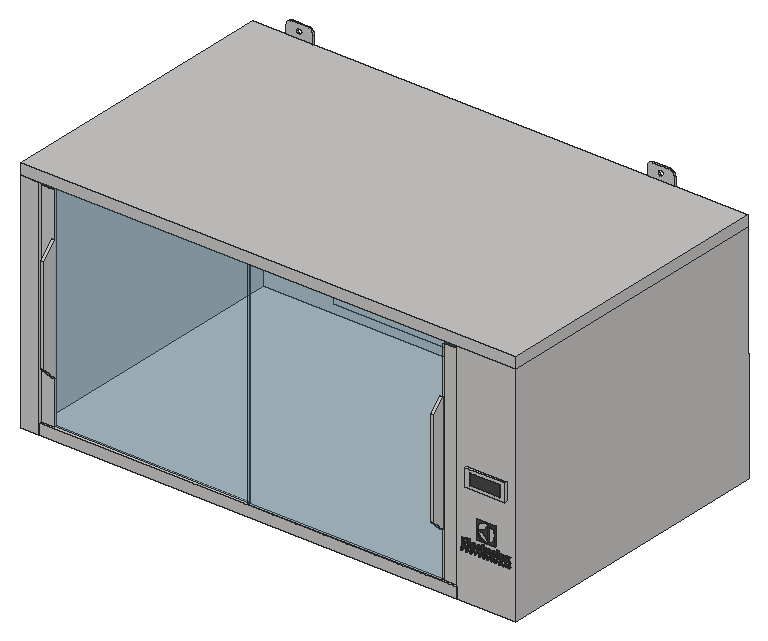
Revit family "QF_ELECTROLUXPROFESSIONAL_240429_SAFEBOXSNP", category Specialty Equipment, Revit 2018
Family settings
  Round Connector Dimension = Use Diameter
  Part Type = Normal
  Work Plane-Based = No
  Always vertical = Yes
  Cut with Voids When Loaded = No
  Shared = No
  Room Calculation Point = No
Parameters (values of type "Standard")
  Weight = 36.00 kg
  Watts = 0 W
  Volts = 220 V
  URL Manufacturer = "http://professional.electrolux.com"
  URL = "http://professional.electrolux.com"
  Steam Supply Size = 0 mm
  Steam Supply Minimum Pressure = 0.0 Pa
  Steam Supply Maximum Pressure = 0.0 Pa
  Steam Pounds per Hour = 0
  Refrigeration Suction Line Size = 0 mm
  Refrigeration Liquid Line Size = 0 mm
  Refrigerant Compressor Remote = yes
  Manufacturer = "Electrolux Professional"
  Phase = 1
  Model = "SAFEBOXSNP"
  Length Actual = 920.0 mm  # constant formula
  Item Number = "240429"
  Hot Water Size = 0 mm
  Height Actual = 450.0 mm  # constant formula
  HP = "0.8 HP"
  Gas Size = 0 mm
  Gas KW = 0
  Gas Input Pressure = 0 W
  Direct Waste Size = 0 mm
  Description = "SAFEBOX HOLD WARMING CONTAINER FOR FOOD PICK UP, TAKE AWAY AND DELIVERY (NO PLUG)"
  Depth Actual = 590.0 mm  # constant formula
  Cycle = 50 Hz
  Condensate Return Size = 0 mm
  Compressed Air Volume = 0.0 L/s
  Compressed Air Size = 0 mm
  Compressed Air Pressure = 0.0 Pa
  Cold Water Size = 0 mm
  Accessory = yes
Types (2, lengths in mm): name | URL | Manufacturer | Phase | Model | Description
  (no name) | 0.0 | 0.0 | 0 | 0.0 | 0.0
  Standard | "http://professional.electrolux.com" | "Electrolux Professional" | 1 | "SAFEBOXSNP" | "SAFEBOX HOLD WARMING CONTAINER FOR FOOD PICK UP, TAKE AWAY AND DELIVERY (NO PLUG)"
Values of the unnamed type that differ from the named types
  Volts = 0 V
  URL Manufacturer = ""
  Item Number = ""
  Cycle = 0 Hz
Reference planes
  plane 1 "Center (Front/Back)": y = 0
  plane 2: z = 0
  plane 3 "Center (Left/Right)": x = 0
  plane 4 "LEFT": x = -460
  plane 5 "RIGHT": x = 460
  plane 6 "BACK": y = 270
  plane 7 "FRONT": y = -270
  plane 8 "Base": z = 11
  plane 9 "TOP": z = 451
  plane 10: x = -430
  plane 11: y = 250
  plane 12: y = -220
  plane 13: x = 360
Forms (mm)
  Extrusion 1, solid, material "QF_Finishes_Stainless Steel"
    sketch origin (0, 0, 11) x (0, 1, 0) y (-1, 0, 0)
      loop
        line (270, 460) -> (-270, 460) -> (-270, 425) -> (250, 425) -> (250, -350) -> (-270, -350) -> (-270, -460) -> (270, -460) -> (270, 460)
    from 0 to 420
  Extrusion 2, solid, material "QF_Finishes_Stainless Steel"
    sketch origin (0, 0, 451) x (0, 1, 0) y (-1, 0, 0)
      loop
        line (270, 460) -> (-270, 460) -> (-270, -460) -> (270, -460) -> (270, 460)
    from 0 to -20
  Extrusion 3, void
    sketch origin (0, -270, 0) x (-1, 0, 0) y (0, 0, 1)
      loop
        line (140.985, 386.837) -> (-115, 386.837) -> (-115, 166) -> (140.985, 166) -> (140.985, 386.837)
    from 520 to 540
  Extrusion 4, solid, material "QF_Finishes_Stainless Steel"
    sketch origin (460, 0, 0) x (0, 1, 0) y (0, 0, 1)
      loop
        line (250, 386.837) -> (250, 166) -> (320, 166) -> (320, 386.837) -> (250, 386.837)
    from -600.985 to -345
  Extrusion 5, solid, material "QF_Finishes_Stainless Steel"
    sketch origin (0, 270, 0) x (-1, 0, 0) y (0, 0, 1)
      loop
        line (260.985, 386.837) -> (-235, 386.837) -> (-235, 76) -> (260.985, 76) -> (260.985, 386.837)
    from 0 to -60
  Extrusion 6, solid, material "Glass"
    sketch origin (0, -270, 0) x (-1, 0, 0) y (0, 0, 1)
      loop
        line (425, 431) -> (37.5, 431) -> (37.5, 31) -> (400, 31) -> (400, 426) -> (425, 426) -> (425, 431)
    from 4 to 8
  Extrusion 7, solid, material "Glass"
    sketch origin (385, -270, 0) x (-1, 0, 0) y (0, 0, 1)
      loop
        line (422.5, 431) -> (35, 431) -> (35, 426) -> (60, 426) -> (60, 31) -> (422.5, 31) -> (422.5, 431)
    from 0 to 4
  Extrusion 8, solid, material "QF_Finishes_Stainless Steel"
    sketch origin (0, 0, 0) x (0, 1, 0) y (0, 0, 1)
      loop
        line (-266, 112) -> (-266, 342.426) -> (-291.213, 317.213) -> (-291.213, 137.213) -> (-266, 112)
    from -400 to -405
  Extrusion 9, solid, material "QF_Finishes_Stainless Steel"
    sketch origin (0, -270, 0) x (-1, 0, 0) y (0, 0, 1)
      loop
        line (-350, 426) -> (-350, 31) -> (-325, 31) -> (-325, 426) -> (-350, 426)
      loop
        line (400, 426) -> (400, 31) -> (425, 31) -> (425, 426) -> (400, 426)
    from 4 to 8
  Extrusion 10, solid, material "QF_Finishes_Stainless Steel"
    sketch origin (0, 0, 451) x (0, 1, 0) y (-1, 0, 0)
      loop
        line (270, 425) -> (-270, 425) -> (-270, -350) -> (270, -350) -> (270, 425)
    from -420 to -440
  Extrusion 11, solid, material "QF_Finishes_Stainless Steel"
    sketch origin (0, 0, 0) x (0, 1, 0) y (0, 0, 1)
      loop
        line (-270, 116) -> (-270, 338.426) -> (-291.213, 317.213) -> (-291.213, 137.213) -> (-270, 116)
    from 325 to 320
  Extrusion 12, solid, material "QF_Finishes_Stainless Steel"
    sketch origin (0, -270, 0) x (-1, 0, 0) y (0, 0, 1)
      loop
        line (-368.864, 238.032) -> (-443.864, 238.032) -> (-443.864, 206) -> (-368.864, 206) -> (-368.864, 238.032)
      loop
        line (-378.864, 233.032) -> (-433.864, 233.032) -> (-433.864, 211) -> (-378.864, 211) -> (-378.864, 233.032)
    from 0 to -5
  Extrusion 13, solid, material "QF_Finishes_Black"
    sketch origin (0, -270, 0) x (-1, 0, 0) y (0, 0, 1)
      loop
        line (-378.864, 233.032) -> (-433.864, 233.032) -> (-433.864, 211) -> (-378.864, 211) -> (-378.864, 233.032)
    from 0 to -5
  Extrusion 14, solid, material "QF_Finishes_Stainless Steel"
    sketch origin (0, 270, 0) x (-1, 0, 0) y (0, 0, 1)
      loop
        circle (-420, 40) r 10
    from 0 to 2
  Extrusion 15, solid, material "QF_Finishes_Rubber Black"
    sketch origin (0, 0, 0) x (1, 0, 0) y (0, 1, 0)
      loop
        circle (-430, 250) r 15
      loop
        circle (360, 250) r 15
      loop
        circle (-430, -220) r 15
      loop
        circle (360, -220) r 15
    from 0 to 7
  Extrusion 16, solid, material "QF_Finishes_Stainless Steel"
    sketch origin (0, 0, 0) x (1, 0, 0) y (0, 1, 0)
      loop
        circle (-430, 250) r 12.5
      loop
        circle (360, 250) r 12.5
      loop
        circle (-430, -220) r 12.5
      loop
        circle (360, -220) r 12.5
    from 11 to 7
  Extrusion 17, solid, material "QF_Finishes_Black"
    sketch origin (0, -270, 0) x (-1, 0, 0) y (0, 0, 1)
      loop
        line (-365.303, 106.172) -> (-369.867, 106.172) -> (-369.867, 103.843) -> (-365.283, 103.843) -> (-364.31, 103.912)
        spline (-364.31, 103.912) -> (-363.72, 104.027) -> (-363.188, 104.196) -> (-362.713, 104.417) -> (-362.293, 104.688) -> (-361.928, 105.008) -> (-361.615, 105.374) -> (-361.354, 105.784) -> (-361.143, 106.237) -> (-360.981, 106.73) -> (-360.867, 107.261) -> (-360.8, 107.829) -> (-360.778, 108.432)
        line (-360.778, 108.432) -> (-360.778, 118.232) -> (-369.694, 118.232) -> (-369.694, 115.901) -> (-363.255, 115.901) -> (-363.255, 112.497) -> (-369.309, 112.497) -> (-369.309, 110.16) -> (-363.256, 110.16) -> (-363.256, 108.326)
        spline (-363.256, 108.326) -> (-363.281, 107.913) -> (-363.353, 107.553) -> (-363.465, 107.245) -> (-363.612, 106.983) -> (-363.787, 106.765) -> (-363.984, 106.587) -> (-364.198, 106.446) -> (-364.423, 106.338) -> (-364.651, 106.26) -> (-364.878, 106.209) -> (-365.097, 106.18) -> (-365.303, 106.172)
      loop
        line (-371.627, 111.433) -> (-371.627, 118.236) -> (-374.105, 118.236) -> (-374.105, 103.839) -> (-371.627, 103.839) -> (-371.627, 111.433)
      loop
        line (-386.378, 109.309) -> (-386.336, 108.438) -> (-378.204, 108.438)
        spline (-378.204, 108.438) -> (-378.248, 108.035) -> (-378.338, 107.658) -> (-378.472, 107.309) -> (-378.648, 106.99) -> (-378.864, 106.701) -> (-379.119, 106.446) -> (-379.411, 106.225) -> (-379.737, 106.04) -> (-380.097, 105.893) -> (-380.488, 105.786) -> (-380.909, 105.721) -> (-381.357, 105.699)
        spline (-381.357, 105.699) -> (-381.663, 105.707) -> (-381.951, 105.733) -> (-382.221, 105.776) -> (-382.476, 105.836) -> (-382.717, 105.912) -> (-382.947, 106.005) -> (-383.167, 106.114) -> (-383.378, 106.24) -> (-383.583, 106.382) -> (-383.784, 106.539) -> (-383.982, 106.713) -> (-384.179, 106.902)
        line (-384.179, 106.902) -> (-385.672, 105.45)
        spline (-385.672, 105.45) -> (-385.333, 105.112) -> (-384.988, 104.814) -> (-384.638, 104.554) -> (-384.283, 104.329) -> (-383.923, 104.138) -> (-383.559, 103.979) -> (-383.19, 103.85) -> (-382.816, 103.748) -> (-382.437, 103.673) -> (-382.054, 103.621) -> (-381.666, 103.592) -> (-381.274, 103.583)
        spline (-381.274, 103.583) -> (-380.471, 103.626) -> (-379.714, 103.756) -> (-379.009, 103.967) -> (-378.359, 104.258) -> (-377.77, 104.624) -> (-377.245, 105.062) -> (-376.789, 105.568) -> (-376.406, 106.141) -> (-376.1, 106.775) -> (-375.877, 107.468) -> (-375.739, 108.217) -> (-375.693, 109.018)
        spline (-375.693, 109.018) -> (-375.741, 109.838) -> (-375.882, 110.605) -> (-376.111, 111.315) -> (-376.422, 111.965) -> (-376.81, 112.55) -> (-377.268, 113.068) -> (-377.793, 113.516) -> (-378.378, 113.889) -> (-379.018, 114.186) -> (-379.707, 114.402) -> (-380.44, 114.534) -> (-381.212, 114.579)
        spline (-381.212, 114.579) -> (-381.967, 114.531) -> (-382.675, 114.391) -> (-383.332, 114.167) -> (-383.934, 113.862) -> (-384.479, 113.485) -> (-384.962, 113.041) -> (-385.38, 112.535) -> (-385.73, 111.975) -> (-386.008, 111.366) -> (-386.211, 110.715) -> (-386.336, 110.027) -> (-386.378, 109.309)
      loop
        line (-383.847, 110.18) -> (-378.266, 110.18)
        spline (-378.266, 110.18) -> (-378.316, 110.491) -> (-378.412, 110.789) -> (-378.551, 111.071) -> (-378.73, 111.334) -> (-378.945, 111.577) -> (-379.194, 111.796) -> (-379.473, 111.988) -> (-379.78, 112.152) -> (-380.11, 112.284) -> (-380.461, 112.381) -> (-380.829, 112.442) -> (-381.212, 112.462)
        spline (-381.212, 112.462) -> (-381.569, 112.441) -> (-381.911, 112.38) -> (-382.236, 112.281) -> (-382.54, 112.147) -> (-382.821, 111.982) -> (-383.074, 111.788) -> (-383.297, 111.568) -> (-383.486, 111.325) -> (-383.639, 111.062) -> (-383.752, 110.781) -> (-383.823, 110.487) -> (-383.847, 110.18)
      loop
        spline (-390.126, 109.081) -> (-390.155, 108.619) -> (-390.238, 108.182) -> (-390.372, 107.772) -> (-390.554, 107.392) -> (-390.781, 107.044) -> (-391.05, 106.734) -> (-391.356, 106.462) -> (-391.697, 106.233) -> (-392.069, 106.049) -> (-392.47, 105.914) -> (-392.895, 105.831) -> (-393.342, 105.803)
        spline (-393.342, 105.803) -> (-393.616, 105.811) -> (-393.879, 105.837) -> (-394.131, 105.879) -> (-394.372, 105.937) -> (-394.603, 106.011) -> (-394.826, 106.101) -> (-395.039, 106.206) -> (-395.245, 106.325) -> (-395.443, 106.459) -> (-395.634, 106.607) -> (-395.819, 106.769) -> (-395.998, 106.944)
        line (-395.998, 106.944) -> (-397.533, 105.346)
        spline (-397.533, 105.346) -> (-397.228, 105.04) -> (-396.913, 104.766) -> (-396.589, 104.521) -> (-396.258, 104.306) -> (-395.918, 104.12) -> (-395.57, 103.961) -> (-395.215, 103.829) -> (-394.853, 103.723) -> (-394.484, 103.642) -> (-394.109, 103.585) -> (-393.729, 103.552) -> (-393.342, 103.541)
        spline (-393.342, 103.541) -> (-392.568, 103.589) -> (-391.826, 103.729) -> (-391.124, 103.957) -> (-390.467, 104.267) -> (-389.863, 104.654) -> (-389.317, 105.113) -> (-388.838, 105.638) -> (-388.431, 106.224) -> (-388.102, 106.867) -> (-387.86, 107.561) -> (-387.709, 108.3) -> (-387.658, 109.081)
        spline (-387.658, 109.081) -> (-387.709, 109.861) -> (-387.86, 110.6) -> (-388.102, 111.294) -> (-388.431, 111.937) -> (-388.838, 112.523) -> (-389.317, 113.049) -> (-389.863, 113.507) -> (-390.467, 113.894) -> (-391.124, 114.204) -> (-391.826, 114.432) -> (-392.568, 114.572) -> (-393.342, 114.62)
        spline (-393.342, 114.62) -> (-393.729, 114.609) -> (-394.109, 114.576) -> (-394.484, 114.519) -> (-394.853, 114.438) -> (-395.215, 114.332) -> (-395.57, 114.2) -> (-395.918, 114.041) -> (-396.258, 113.855) -> (-396.589, 113.64) -> (-396.913, 113.395) -> (-397.228, 113.121) -> (-397.533, 112.815)
        line (-397.533, 112.815) -> (-395.998, 111.217)
        spline (-395.998, 111.217) -> (-395.819, 111.392) -> (-395.634, 111.554) -> (-395.443, 111.702) -> (-395.245, 111.836) -> (-395.039, 111.956) -> (-394.826, 112.06) -> (-394.603, 112.15) -> (-394.372, 112.224) -> (-394.131, 112.282) -> (-393.879, 112.324) -> (-393.616, 112.35) -> (-393.342, 112.359)
        spline (-393.342, 112.359) -> (-392.895, 112.33) -> (-392.47, 112.247) -> (-392.069, 112.112) -> (-391.697, 111.928) -> (-391.356, 111.699) -> (-391.05, 111.427) -> (-390.781, 111.117) -> (-390.554, 110.769) -> (-390.372, 110.389) -> (-390.238, 109.979) -> (-390.155, 109.542) -> (-390.126, 109.081)
      loop
        line (-403.852, 106.168) -> (-403.843, 103.839) -> (-402.797, 103.887)
        spline (-402.797, 103.887) -> (-402.209, 103.986) -> (-401.675, 104.138) -> (-401.195, 104.342) -> (-400.766, 104.596) -> (-400.389, 104.897) -> (-400.061, 105.244) -> (-399.782, 105.635) -> (-399.55, 106.068) -> (-399.365, 106.542) -> (-399.225, 107.053) -> (-399.129, 107.602) -> (-399.076, 108.185)
        line (-399.076, 108.185) -> (-399.076, 118.236) -> (-401.555, 118.236) -> (-401.555, 114.25) -> (-403.806, 114.25) -> (-403.806, 111.998) -> (-401.551, 111.998) -> (-401.551, 108.326)
        spline (-401.551, 108.326) -> (-401.603, 107.889) -> (-401.701, 107.513) -> (-401.839, 107.193) -> (-402.01, 106.924) -> (-402.209, 106.704) -> (-402.429, 106.527) -> (-402.664, 106.391) -> (-402.909, 106.29) -> (-403.156, 106.222) -> (-403.399, 106.181) -> (-403.634, 106.165) -> (-403.852, 106.168)
      loop
        line (-412.191, 114.394) -> (-412.191, 111.998) -> (-411.158, 112.101)
        spline (-411.158, 112.101) -> (-410.743, 112.079) -> (-410.355, 112.014) -> (-409.996, 111.907) -> (-409.668, 111.759) -> (-409.372, 111.573) -> (-409.111, 111.35) -> (-408.885, 111.091) -> (-408.697, 110.798) -> (-408.547, 110.472) -> (-408.438, 110.115) -> (-408.372, 109.728) -> (-408.349, 109.313)
        line (-408.349, 109.313) -> (-408.349, 103.839) -> (-405.891, 103.839) -> (-405.891, 114.249) -> (-408.349, 114.249) -> (-408.349, 112.701)
        spline (-408.349, 112.701) -> (-408.54, 112.99) -> (-408.758, 113.255) -> (-409.003, 113.497) -> (-409.272, 113.712) -> (-409.565, 113.902) -> (-409.881, 114.063) -> (-410.218, 114.196) -> (-410.576, 114.3) -> (-410.954, 114.372) -> (-411.349, 114.413) -> (-411.762, 114.421) -> (-412.191, 114.394)
      loop
        spline (-423.931, 109.044) -> (-423.879, 108.281) -> (-423.728, 107.553) -> (-423.485, 106.867) -> (-423.156, 106.229) -> (-422.748, 105.644) -> (-422.268, 105.118) -> (-421.723, 104.657) -> (-421.119, 104.266) -> (-420.463, 103.953) -> (-419.762, 103.721) -> (-419.022, 103.578) -> (-418.251, 103.529)
        spline (-418.251, 103.529) -> (-417.475, 103.578) -> (-416.733, 103.721) -> (-416.03, 103.953) -> (-415.374, 104.266) -> (-414.77, 104.657) -> (-414.225, 105.118) -> (-413.747, 105.644) -> (-413.341, 106.229) -> (-413.013, 106.867) -> (-412.772, 107.553) -> (-412.622, 108.281) -> (-412.57, 109.044)
        spline (-412.57, 109.044) -> (-412.622, 109.808) -> (-412.772, 110.536) -> (-413.013, 111.222) -> (-413.341, 111.86) -> (-413.747, 112.445) -> (-414.225, 112.971) -> (-414.77, 113.432) -> (-415.374, 113.822) -> (-416.03, 114.136) -> (-416.733, 114.367) -> (-417.475, 114.51) -> (-418.251, 114.559)
        spline (-418.251, 114.559) -> (-419.022, 114.51) -> (-419.762, 114.367) -> (-420.463, 114.136) -> (-421.119, 113.822) -> (-421.723, 113.432) -> (-422.268, 112.971) -> (-422.748, 112.445) -> (-423.156, 111.86) -> (-423.485, 111.222) -> (-423.728, 110.536) -> (-423.879, 109.808) -> (-423.931, 109.044)
      loop
        spline (-421.473, 109.044) -> (-421.444, 108.594) -> (-421.36, 108.164) -> (-421.225, 107.759) -> (-421.041, 107.381) -> (-420.813, 107.035) -> (-420.543, 106.723) -> (-420.236, 106.45) -> (-419.894, 106.218) -> (-419.521, 106.032) -> (-419.121, 105.895) -> (-418.696, 105.81) -> (-418.251, 105.78)
        spline (-418.251, 105.78) -> (-417.801, 105.81) -> (-417.374, 105.895) -> (-416.972, 106.032) -> (-416.599, 106.218) -> (-416.257, 106.45) -> (-415.951, 106.723) -> (-415.683, 107.035) -> (-415.456, 107.381) -> (-415.274, 107.759) -> (-415.14, 108.164) -> (-415.058, 108.594) -> (-415.029, 109.044)
        spline (-415.029, 109.044) -> (-415.058, 109.495) -> (-415.14, 109.924) -> (-415.274, 110.33) -> (-415.456, 110.708) -> (-415.683, 111.054) -> (-415.951, 111.366) -> (-416.257, 111.639) -> (-416.599, 111.87) -> (-416.972, 112.056) -> (-417.374, 112.194) -> (-417.801, 112.279) -> (-418.251, 112.308)
        spline (-418.251, 112.308) -> (-418.696, 112.279) -> (-419.121, 112.194) -> (-419.521, 112.056) -> (-419.894, 111.87) -> (-420.236, 111.639) -> (-420.543, 111.366) -> (-420.813, 111.054) -> (-421.041, 110.708) -> (-421.225, 110.33) -> (-421.36, 109.924) -> (-421.444, 109.495) -> (-421.473, 109.044)
      loop
        line (-425.455, 111.681) -> (-425.455, 118.236) -> (-427.935, 118.236) -> (-427.935, 103.839) -> (-425.455, 103.839) -> (-425.455, 111.681)
      loop
        line (-436.874, 114.249) -> (-439.372, 114.249) -> (-439.372, 108.032)
        spline (-439.372, 108.032) -> (-439.327, 107.311) -> (-439.198, 106.654) -> (-438.989, 106.062) -> (-438.708, 105.535) -> (-438.361, 105.071) -> (-437.952, 104.67) -> (-437.49, 104.332) -> (-436.98, 104.057) -> (-436.428, 103.843) -> (-435.84, 103.691) -> (-435.222, 103.601) -> (-434.581, 103.57)
        spline (-434.581, 103.57) -> (-433.945, 103.6) -> (-433.332, 103.69) -> (-432.749, 103.839) -> (-432.202, 104.05) -> (-431.696, 104.322) -> (-431.237, 104.655) -> (-430.833, 105.05) -> (-430.488, 105.507) -> (-430.209, 106.028) -> (-430.003, 106.611) -> (-429.874, 107.259) -> (-429.83, 107.97)
        line (-429.83, 107.97) -> (-429.83, 114.249) -> (-432.33, 114.249) -> (-432.33, 108.176)
        spline (-432.33, 108.176) -> (-432.349, 107.788) -> (-432.407, 107.437) -> (-432.502, 107.124) -> (-432.629, 106.847) -> (-432.789, 106.605) -> (-432.977, 106.398) -> (-433.193, 106.225) -> (-433.434, 106.085) -> (-433.697, 105.978) -> (-433.981, 105.902) -> (-434.283, 105.857) -> (-434.601, 105.843)
        spline (-434.601, 105.843) -> (-434.919, 105.857) -> (-435.222, 105.902) -> (-435.506, 105.978) -> (-435.769, 106.086) -> (-436.01, 106.227) -> (-436.226, 106.401) -> (-436.414, 106.609) -> (-436.574, 106.853) -> (-436.702, 107.133) -> (-436.796, 107.45) -> (-436.854, 107.804) -> (-436.874, 108.198)
        line (-436.874, 108.198) -> (-436.874, 114.249)
      loop
        line (-448.75, 107.168) -> (-451.132, 103.839) -> (-448.467, 103.839) -> (-445.823, 107.516) -> (-443.179, 103.839) -> (-440.515, 103.839) -> (-442.307, 106.335) -> (-444.46, 109.334) -> (-442.406, 112.143) -> (-440.866, 114.249) -> (-443.551, 114.249) -> (-445.823, 111.13) -> (-448.075, 114.249) -> (-450.781, 114.249) -> (-449.123, 111.991) -> (-447.187, 109.354) -> (-448.75, 107.168)
      loop
        arc (-362.172, 101.574) -> (-363.817, 99.929) -> (-362.172, 98.284) r 1.645
        line (-362.172, 98.284) -> (-361.277, 98.284) -> (-361.277, 96.598) -> (-360.254, 96.598) -> (-360.254, 101.574) -> (-362.172, 101.574)
      loop
        arc (-362.13, 100.634) -> (-362.835, 99.929) -> (-362.13, 99.225) r 0.704
        line (-362.13, 99.225) -> (-361.277, 99.225) -> (-361.277, 100.634) -> (-362.13, 100.634)
      loop
        arc (-369.98, 101.574) -> (-371.128, 101.107) -> (-371.622, 99.97) r 1.643
        arc (-371.622, 99.97) -> (-371.405, 99.145) -> (-370.78, 98.564) r 1.536
        line (-370.78, 98.564) -> (-371.975, 96.598) -> (-370.813, 96.598) -> (-369.832, 98.23) -> (-369.051, 98.312) -> (-369.051, 96.598) -> (-368.028, 96.598) -> (-368.028, 101.574) -> (-369.98, 101.574)
      loop
        line (-369.891, 99.245) -> (-369.051, 99.245) -> (-369.051, 100.634) -> (-369.959, 100.634)
        arc (-369.959, 100.634) -> (-370.586, 99.907) -> (-369.891, 99.245) r 0.696
      loop
        circle (-378.328, 99.086) r 2.585
      loop
        circle (-378.328, 99.086) r 1.64
      loop
        line (-385.193, 101.574) -> (-388.269, 101.574) -> (-388.269, 100.634) -> (-386.217, 100.634) -> (-386.217, 99.584) -> (-388.089, 99.584) -> (-388.089, 98.644) -> (-386.217, 98.644) -> (-386.217, 96.598) -> (-385.193, 96.598) -> (-385.193, 101.574)
      loop
        line (-392.491, 101.574) -> (-395.642, 101.574) -> (-395.642, 100.634) -> (-393.514, 100.634) -> (-393.514, 99.769) -> (-395.504, 99.769) -> (-395.504, 98.987) -> (-393.514, 98.987) -> (-393.514, 98.16)
        arc (-393.514, 98.16) -> (-393.741, 97.612) -> (-394.289, 97.385) r 0.775
        line (-394.289, 97.385) -> (-395.691, 97.385) -> (-395.691, 96.598) -> (-394.083, 96.598)
        arc (-394.083, 96.598) -> (-392.95, 97.072) -> (-392.491, 98.212) r 1.593
        line (-392.491, 98.212) -> (-392.491, 101.574)
      loop
        arc (-402.384, 100.269) -> (-401.963, 100.602) -> (-401.439, 100.718) r 1.197
        arc (-401.439, 100.718) -> (-400.968, 100.342) -> (-401.294, 99.834) r 0.45
        arc (-401.294, 99.834) -> (-401.859, 99.623) -> (-402.409, 99.377) r 9.883
        arc (-402.409, 99.377) -> (-402.845, 99.093) -> (-403.185, 98.7) r 1.876
        arc (-403.185, 98.7) -> (-403.343, 97.847) -> (-403.037, 97.035) r 1.618
        arc (-403.037, 97.035) -> (-402.346, 96.668) -> (-401.579, 96.515) r 2.696
        arc (-401.579, 96.515) -> (-400.959, 96.578) -> (-400.385, 96.823) r 2.063
        arc (-400.385, 96.823) -> (-399.932, 97.214) -> (-399.622, 97.725) r 1.914
        line (-399.622, 97.725) -> (-400.404, 98.216)
        arc (-400.404, 98.216) -> (-400.668, 97.808) -> (-401.089, 97.567) r 1.033
        arc (-401.089, 97.567) -> (-401.662, 97.452) -> (-402.203, 97.672) r 1.016
        arc (-402.203, 97.672) -> (-402.359, 98.025) -> (-402.162, 98.356) r 0.42
        arc (-402.162, 98.356) -> (-401.656, 98.632) -> (-401.122, 98.849) r 5.041
        arc (-401.122, 98.849) -> (-400.544, 99.153) -> (-400.1, 99.632) r 1.928
        arc (-400.1, 99.632) -> (-399.987, 100.071) -> (-399.976, 100.524) r 1.985
        arc (-399.976, 100.524) -> (-400.091, 100.911) -> (-400.349, 101.222) r 1.013
        arc (-400.349, 101.222) -> (-400.896, 101.533) -> (-401.512, 101.657) r 1.974
        arc (-401.512, 101.657) -> (-402.438, 101.438) -> (-403.12, 100.774) r 1.782
        line (-403.12, 100.774) -> (-402.384, 100.269)
      loop
        arc (-409.903, 100.269) -> (-409.482, 100.602) -> (-408.958, 100.718) r 1.197
        arc (-408.958, 100.718) -> (-408.486, 100.342) -> (-408.812, 99.834) r 0.45
        arc (-408.812, 99.834) -> (-409.377, 99.623) -> (-409.928, 99.377) r 9.883
        arc (-409.928, 99.377) -> (-410.363, 99.093) -> (-410.703, 98.7) r 1.876
        arc (-410.703, 98.7) -> (-410.861, 97.847) -> (-410.556, 97.035) r 1.618
        arc (-410.556, 97.035) -> (-409.865, 96.668) -> (-409.097, 96.515) r 2.696
        arc (-409.097, 96.515) -> (-408.477, 96.578) -> (-407.903, 96.823) r 2.063
        arc (-407.903, 96.823) -> (-407.451, 97.214) -> (-407.141, 97.725) r 1.914
        line (-407.141, 97.725) -> (-407.922, 98.216)
        arc (-407.922, 98.216) -> (-408.186, 97.808) -> (-408.607, 97.567) r 1.033
        arc (-408.607, 97.567) -> (-409.18, 97.452) -> (-409.721, 97.672) r 1.016
        arc (-409.721, 97.672) -> (-409.877, 98.025) -> (-409.68, 98.356) r 0.42
        arc (-409.68, 98.356) -> (-409.174, 98.632) -> (-408.64, 98.849) r 5.041
        arc (-408.64, 98.849) -> (-408.062, 99.153) -> (-407.619, 99.632) r 1.928
        arc (-407.619, 99.632) -> (-407.505, 100.071) -> (-407.494, 100.524) r 1.985
        arc (-407.494, 100.524) -> (-407.61, 100.911) -> (-407.868, 101.222) r 1.013
        arc (-407.868, 101.222) -> (-408.414, 101.533) -> (-409.03, 101.657) r 1.974
        arc (-409.03, 101.657) -> (-409.956, 101.438) -> (-410.638, 100.774) r 1.782
        line (-410.638, 100.774) -> (-409.903, 100.269)
      loop
        line (-415.094, 101.574) -> (-416.118, 101.574) -> (-416.118, 96.598) -> (-415.094, 96.598) -> (-415.094, 101.574)
      loop
        circle (-423.017, 99.086) r 1.548
      loop
        circle (-423.017, 99.086) r 2.585
      loop
        line (-429.882, 96.598) -> (-429.882, 101.574) -> (-430.878, 101.574) -> (-433.154, 98.351) -> (-433.154, 101.574) -> (-434.188, 101.574) -> (-434.188, 96.598) -> (-433.193, 96.598) -> (-430.916, 99.727) -> (-430.916, 96.598) -> (-429.882, 96.598)
      loop
        line (-439.347, 96.598) -> (-438.249, 96.598) -> (-440.753, 101.574) -> (-443.258, 96.598) -> (-442.158, 96.598) -> (-441.673, 97.671) -> (-439.832, 97.671) -> (-439.347, 96.598)
      loop
        line (-440.753, 99.714) -> (-441.214, 98.692) -> (-440.291, 98.692) -> (-440.753, 99.714)
      loop
        line (-448.34, 97.539) -> (-450.254, 97.539) -> (-450.254, 96.598) -> (-447.317, 96.598) -> (-447.317, 101.574) -> (-448.34, 101.574) -> (-448.34, 97.539)
      loop
        line (-388.337, 123.178) -> (-388.337, 157.751) -> (-422.957, 157.751) -> (-422.957, 123.178) -> (-388.337, 123.178)
      loop
        arc (-410.269, 156.054) -> (-421.768, 140.5) -> (-410.269, 124.946) r 16.269
        line (-410.269, 124.946) -> (-410.269, 156.054)
      loop
        arc (-408.687, 153.801) -> (-403.858, 145.134) -> (-394.664, 141.402) r 14.944
        line (-394.664, 141.402) -> (-389.517, 141.402)
        arc (-389.517, 141.402) -> (-395.75, 153.113) -> (-408.687, 156.054) r 15.943
        line (-408.687, 156.054) -> (-408.687, 153.801)
      loop
        line (-389.517, 139.598) -> (-394.664, 139.598)
        arc (-394.664, 139.598) -> (-403.858, 135.866) -> (-408.687, 127.199) r 14.944
        line (-408.687, 127.199) -> (-408.687, 124.547)
        arc (-408.687, 124.547) -> (-395.74, 127.79) -> (-389.517, 139.598) r 16.36
    from 0 to -1.6
  Extrusion 18, solid, material "QF_Finishes_Stainless Steel"
    sketch origin (0, 270, 0) x (-1, 0, 0) y (0, 0, 1)
      loop
        line (398.117, 431) -> (398.117, 466)
        arc (398.117, 466) -> (395.188, 473.071) -> (388.117, 476) r 10
        line (388.117, 476) -> (358.117, 476)
        arc (358.117, 476) -> (351.046, 473.071) -> (348.117, 466) r 10
        line (348.117, 466) -> (348.117, 431) -> (398.117, 431)
      loop
        circle (373.117, 463.03) r 5
      loop
        line (-323.117, 431) -> (-273.117, 431) -> (-273.117, 466)
        arc (-273.117, 466) -> (-276.046, 473.071) -> (-283.117, 476) r 10
        line (-283.117, 476) -> (-313.117, 476)
        arc (-313.117, 476) -> (-320.188, 473.071) -> (-323.117, 466) r 10
        line (-323.117, 466) -> (-323.117, 431)
      loop
        circle (-298.117, 463.03) r 5
    from 1.641 to 0
  Extrusion 19, solid, material "QF_Door-Drawer Clearances", detail levels coarse
    sketch origin (0, 0, 0) x (0, 1, 0) y (0, 0, 1)
      loop
        line (-266, 112) -> (-266, 342.426) -> (-291.213, 317.213) -> (-291.213, 137.213) -> (-266, 112)
    from -63 to -68
  Extrusion 20, solid, material "QF_Door-Drawer Clearances", detail levels coarse
    sketch origin (337, -270, 0) x (-1, 0, 0) y (0, 0, 1)
      loop
        line (400, 426) -> (400, 31) -> (425, 31) -> (425, 426) -> (400, 426)
    from 4 to 8
Cuts and joins
  Extrusion 3 cuts Extrusion 1
  joined: Extrusion 8, Extrusion 9, Extrusion 11
Lines and regions (mm)
  symbolic lines
    curve 1: line (-460, 270, 0) -> (460, 270, 0)
    curve 2: line (-460, -270, 0) -> (-460, 270, 0)
    curve 3: line (460, -270, 0) -> (-460, -270, 0)
    curve 4: line (460, 270, 0) -> (460, -270, 0)
    curve 5: line (115, 320, 0) -> (-140.985, 320, 0)
    curve 6: line (-140.985, 320, 0) -> (-140.985, 270, 0)
    curve 7: line (115, 270, 0) -> (115, 320, 0)
    curve 8: line (-405, -270, 0) -> (-405, -291.213, 0)
    curve 9: line (-405, -291.213, 0) -> (-400, -291.213, 0)
    curve 10: line (-400, -291.213, 0) -> (-400, -270, 0)
    curve 11: line (320, -270, 0) -> (320, -291.213, 0)
    curve 12: line (320, -291.213, 0) -> (325, -291.213, 0)
    curve 13: line (325, -291.213, 0) -> (325, -270, 0)
    curve 17: line (368.864, -275, 0) -> (368.864, -270, 0)
    curve 18: line (368.864, -275, 0) -> (443.864, -275, 0)
    curve 19: line (443.864, -275, 0) -> (443.864, -270, 0)
    curve 20: line (-398.117, 270, 0) -> (-398.117, 271.641, 0)
    curve 21: line (-398.117, 271.641, 0) -> (-348.117, 271.641, 0)
    curve 22: line (-348.117, 271.641, 0) -> (-348.117, 270, 0)
    curve 23: line (273.117, 270, 0) -> (273.117, 271.641, 0)
    curve 24: line (273.117, 271.641, 0) -> (323.117, 271.641, 0)
    curve 25: line (323.117, 271.641, 0) -> (323.117, 270, 0)
    curve 26: line (410, 272, 0) -> (430, 272, 0)
    curve 27: line (430, 272, 0) -> (430, 270, 0)
    curve 28: line (410, 272, 0) -> (410, 270, 0)
  symbolic lines, style "SpecialityEquipmentHiddenLines"
    curve 14: line (-68, -270, 0) -> (-68, -291.213, 0)
    curve 15: line (-68, -291.213, 0) -> (-63, -291.213, 0)
    curve 16: line (-63, -291.213, 0) -> (-63, -270, 0)
Dimensions and locks
  plane 4 "LEFT" to plane 5 "RIGHT" = 920.0 mm
  equal spacing: plane 4 "LEFT", plane 3 "Center (Left/Right)", plane 5 "RIGHT"
  equal spacing: plane 6 "BACK", plane 1 "Center (Front/Back)", plane 7 "FRONT"
  plane 6 "BACK" to plane 7 "FRONT" = 540.0 mm  (x2)
  plane 8 "Base" to level = 11.0 mm
  plane 9 "TOP" to level = 451.0 mm
  plane 9 "TOP" to cut or joined group of Extrusion 1, Extrusion 3 = 64.163 mm
  level to cut or joined group of Extrusion 1, Extrusion 3 = 166.0 mm
  plane 4 "LEFT" to plane 10 = 30.0 mm
  plane 13 to plane 5 "RIGHT" = 100.0 mm
  plane 6 "BACK" to plane 11 = 20.0 mm
  plane 12 to plane 7 "FRONT" = 50.0 mm
  Extrusion 4 to Extrusion 2 = 590.0 mm
  aligned and locked: level to plane 2
Automatic sketch dimensions
  Extrusion 1 sketch curve to plane 4 "LEFT" = 0.0 mm
  Extrusion 1 sketch curve to plane 7 "FRONT" = 0.0 mm  (x2)
  Extrusion 1 sketch curve to plane 5 "RIGHT" = 0.0 mm
  Extrusion 1 sketch curve to plane 11 = 0.0 mm
  Extrusion 1 sketch curve to plane 6 "BACK" = 0.0 mm
  Extrusion 1 sketch curve to plane 13 = 10.0 mm
  plane 10 to Extrusion 1 sketch curve = 5.0 mm
  Extrusion 2 sketch curve to plane 4 "LEFT" = 0.0 mm
  Extrusion 2 sketch curve to plane 7 "FRONT" = 0.0 mm
  Extrusion 2 sketch curve to plane 6 "BACK" = 0.0 mm
  Extrusion 2 sketch curve to plane 5 "RIGHT" = 0.0 mm
  plane 3 "Center (Left/Right)" to Extrusion 3 sketch curve = 115.0 mm
  Extrusion 3 sketch curve to plane 3 "Center (Left/Right)" = 140.985 mm
  plane 8 "Base" to Extrusion 3 sketch curve = 155.0 mm
  Extrusion 3 sketch curve to plane 9 "TOP" = 64.163 mm
  Extrusion 4 sketch curve to plane 11 = 0.0 mm
  plane 6 "BACK" to Extrusion 4 sketch curve = 50.0 mm
  plane 8 "Base" to Extrusion 4 sketch curve = 155.0 mm
  Extrusion 4 sketch curve to plane 9 "TOP" = 64.163 mm
  Extrusion 5 sketch curve to plane 13 = 125.0 mm
  Extrusion 5 sketch curve to plane 9 "TOP" = 64.163 mm
  plane 10 to Extrusion 5 sketch curve = 169.015 mm
  plane 8 "Base" to Extrusion 5 sketch curve = 65.0 mm
  Extrusion 6 sketch curve to plane 3 "Center (Left/Right)" = 37.5 mm
  plane 10 to Extrusion 6 sketch curve = 30.0 mm
  plane 10 to Extrusion 6 sketch curve = 5.0 mm
  plane 8 "Base" to Extrusion 6 sketch curve = 20.0 mm
  Extrusion 6 sketch curve to plane 9 "TOP" = 25.0 mm
  Extrusion 6 sketch curve to plane 9 "TOP" = 20.0 mm
  Extrusion 7 sketch curve to plane 13 = 10.0 mm
  Extrusion 7 sketch curve to plane 13 = 35.0 mm
  Extrusion 7 sketch curve to plane 3 "Center (Left/Right)" = 37.5 mm
  plane 8 "Base" to Extrusion 7 sketch curve = 20.0 mm
  Extrusion 7 sketch curve to plane 9 "TOP" = 25.0 mm
  Extrusion 7 sketch curve to Extrusion 7 sketch curve = 5.0 mm
  Extrusion 8 sketch curve to plane 7 "FRONT" = 21.213 mm
  plane 7 "FRONT" to Extrusion 8 sketch curve = 4.0 mm
  plane 8 "Base" to Extrusion 8 sketch curve = 101.0 mm
  Extrusion 8 sketch curve to Extrusion 8 sketch curve = 25.213 mm  (x2)
  Extrusion 8 sketch curve to plane 9 "TOP" = 133.787 mm
  Extrusion 9 sketch curve to plane 13 = 10.0 mm
  Extrusion 9 sketch curve to Extrusion 9 sketch curve = 25.0 mm
  plane 10 to Extrusion 9 sketch curve = 30.0 mm
  plane 10 to Extrusion 9 sketch curve = 5.0 mm
  plane 8 "Base" to Extrusion 9 sketch curve = 20.0 mm  (x2)
  Extrusion 9 sketch curve to plane 9 "TOP" = 25.0 mm  (x2)
  Extrusion 10 sketch curve to plane 7 "FRONT" = 0.0 mm
  Extrusion 10 sketch curve to plane 6 "BACK" = 0.0 mm
  Extrusion 10 sketch curve to plane 13 = 10.0 mm
  plane 10 to Extrusion 10 sketch curve = 5.0 mm
  Extrusion 11 sketch curve to plane 7 "FRONT" = 0.0 mm
  Extrusion 11 sketch curve to plane 7 "FRONT" = 21.213 mm
  plane 8 "Base" to Extrusion 11 sketch curve = 105.0 mm
  Extrusion 11 sketch curve to Extrusion 11 sketch curve = 21.213 mm  (x2)
  Extrusion 11 sketch curve to plane 9 "TOP" = 133.787 mm
  Extrusion 12 sketch curve to plane 5 "RIGHT" = 16.136 mm
  Extrusion 12 sketch curve to Extrusion 12 sketch curve = 10.0 mm
  plane 13 to Extrusion 12 sketch curve = 18.864 mm
  plane 13 to Extrusion 12 sketch curve = 8.864 mm
  plane 8 "Base" to Extrusion 12 sketch curve = 195.0 mm
  Extrusion 12 sketch curve to Extrusion 12 sketch curve = 5.0 mm  (x2)
  Extrusion 12 sketch curve to Extrusion 12 sketch curve = 22.032 mm
  Extrusion 13 sketch curve to plane 5 "RIGHT" = 26.136 mm
  plane 13 to Extrusion 13 sketch curve = 18.864 mm
  plane 8 "Base" to Extrusion 13 sketch curve = 200.0 mm
  Extrusion 13 sketch curve to Extrusion 13 sketch curve = 22.032 mm
  Extrusion 14 sketch curve to plane 5 "RIGHT" = 40.0 mm
  plane 8 "Base" to Extrusion 14 sketch curve = 29.0 mm
  Extrusion 15 sketch curve to plane 10 = 0.0 mm  (x2)
  Extrusion 15 sketch curve to plane 12 = 0.0 mm  (x2)
  Extrusion 15 sketch curve to plane 13 = 0.0 mm  (x2)
  Extrusion 15 sketch curve to plane 11 = 0.0 mm  (x2)
  Extrusion 16 sketch curve to plane 10 = 0.0 mm  (x2)
  Extrusion 16 sketch curve to plane 12 = 0.0 mm  (x2)
  Extrusion 16 sketch curve to plane 13 = 0.0 mm  (x2)
  Extrusion 16 sketch curve to plane 11 = 0.0 mm  (x2)
  Extrusion 17 sketch curve to Extrusion 17 sketch curve = 0.0 mm  (x37)
  Extrusion 17 sketch curve to plane 5 "RIGHT" = 8.868 mm
  Extrusion 17 sketch curve to plane 5 "RIGHT" = 9.219 mm
  Extrusion 17 sketch curve to Extrusion 17 sketch curve = 0.877 mm
  Extrusion 17 sketch curve to Extrusion 17 sketch curve = 1.658 mm
  Extrusion 17 sketch curve to Extrusion 17 sketch curve = 2.381 mm
  Extrusion 17 sketch curve to Extrusion 17 sketch curve = 2.664 mm
  Extrusion 17 sketch curve to Extrusion 17 sketch curve = 1.914 mm
  Extrusion 17 sketch curve to Extrusion 17 sketch curve = 1.048 mm
  Extrusion 17 sketch curve to Extrusion 17 sketch curve = 1.023 mm  (x5)
  Extrusion 17 sketch curve to Extrusion 17 sketch curve = 1.563 mm
  Extrusion 17 sketch curve to Extrusion 17 sketch curve = 1.364 mm  (x2)
  Extrusion 17 sketch curve to Extrusion 17 sketch curve = 1.363 mm
  Extrusion 17 sketch curve to Extrusion 17 sketch curve = 2.272 mm  (x3)
  Extrusion 17 sketch curve to Extrusion 17 sketch curve = 4.059 mm
  Extrusion 17 sketch curve to Extrusion 17 sketch curve = 2.643 mm
  Extrusion 17 sketch curve to Extrusion 17 sketch curve = 1.145 mm
  Extrusion 17 sketch curve to Extrusion 17 sketch curve = 0.872 mm
  Extrusion 17 sketch curve to Extrusion 17 sketch curve = 1.1 mm
  Extrusion 17 sketch curve to Extrusion 17 sketch curve = 0.485 mm  (x2)
  Extrusion 17 sketch curve to Extrusion 17 sketch curve = 0.459 mm  (x4)
  Extrusion 17 sketch curve to Extrusion 17 sketch curve = 1.54 mm
  Extrusion 17 sketch curve to Extrusion 17 sketch curve = 0.461 mm
  Extrusion 17 sketch curve to Extrusion 17 sketch curve = 0.238 mm
  Extrusion 17 sketch curve to Extrusion 17 sketch curve = 0.922 mm
  Extrusion 17 sketch curve to Extrusion 17 sketch curve = 2.935 mm
  Extrusion 17 sketch curve to Extrusion 17 sketch curve = 1.099 mm
  Extrusion 17 sketch curve to Extrusion 17 sketch curve = 2.498 mm  (x2)
  Extrusion 17 sketch curve to Extrusion 17 sketch curve = 2.273 mm
  Extrusion 17 sketch curve to Extrusion 17 sketch curve = 0.02 mm
  Extrusion 17 sketch curve to Extrusion 17 sketch curve = 4.061 mm
  Extrusion 17 sketch curve to Extrusion 17 sketch curve = 0.995 mm  (x2)
  Extrusion 17 sketch curve to Extrusion 17 sketch curve = 0.039 mm  (x2)
  Extrusion 17 sketch curve to Extrusion 17 sketch curve = 2.277 mm
  Extrusion 17 sketch curve to Extrusion 17 sketch curve = 2.499 mm
  Extrusion 17 sketch curve to Extrusion 17 sketch curve = 1.948 mm
  Extrusion 17 sketch curve to Extrusion 17 sketch curve = 4.375 mm
  Extrusion 17 sketch curve to Extrusion 17 sketch curve = 1.524 mm
  Extrusion 17 sketch curve to Extrusion 17 sketch curve = 2.438 mm
  Extrusion 17 sketch curve to Extrusion 17 sketch curve = 2.458 mm  (x2)
  Extrusion 17 sketch curve to Extrusion 17 sketch curve = 3.221 mm  (x2)
  Extrusion 17 sketch curve to Extrusion 17 sketch curve = 2.133 mm
  Extrusion 17 sketch curve to Extrusion 17 sketch curve = 3.222 mm
  Extrusion 17 sketch curve to Extrusion 17 sketch curve = 2.459 mm
  Extrusion 17 sketch curve to Extrusion 17 sketch curve = 0.379 mm
  Extrusion 17 sketch curve to Extrusion 17 sketch curve = 1.033 mm
  Extrusion 17 sketch curve to Extrusion 17 sketch curve = 4.456 mm
  Extrusion 17 sketch curve to Extrusion 17 sketch curve = 12.687 mm
  Extrusion 17 sketch curve to Extrusion 17 sketch curve = 0.735 mm  (x2)
  Extrusion 17 sketch curve to Extrusion 17 sketch curve = 0.432 mm  (x2)
  Extrusion 17 sketch curve to Extrusion 17 sketch curve = 0.445 mm  (x2)
  Extrusion 17 sketch curve to Extrusion 17 sketch curve = 0.209 mm  (x2)
  Extrusion 17 sketch curve to Extrusion 17 sketch curve = 0.236 mm  (x2)
  Extrusion 17 sketch curve to Extrusion 17 sketch curve = 0.12 mm  (x2)
  Extrusion 17 sketch curve to Extrusion 17 sketch curve = 0.365 mm  (x2)
  Extrusion 17 sketch curve to Extrusion 17 sketch curve = 0.007 mm  (x2)
  Extrusion 17 sketch curve to Extrusion 17 sketch curve = 0.164 mm  (x4)
  Extrusion 17 sketch curve to Extrusion 17 sketch curve = 0.093 mm  (x2)
  Extrusion 17 sketch curve to Extrusion 17 sketch curve = 0.137 mm  (x2)
  Extrusion 17 sketch curve to Extrusion 17 sketch curve = 0.009 mm  (x5)
  Extrusion 17 sketch curve to Extrusion 17 sketch curve = 0.168 mm  (x2)
  Extrusion 17 sketch curve to Extrusion 17 sketch curve = 0.079 mm  (x2)
  Extrusion 17 sketch curve to Extrusion 17 sketch curve = 0.094 mm  (x2)
  Extrusion 17 sketch curve to Extrusion 17 sketch curve = 1.582 mm  (x2)
  Extrusion 17 sketch curve to Extrusion 17 sketch curve = 0.427 mm  (x2)
  Extrusion 17 sketch curve to Extrusion 17 sketch curve = 2.809 mm  (x2)
  Extrusion 17 sketch curve to Extrusion 17 sketch curve = 0.886 mm
  Extrusion 17 sketch curve to Extrusion 17 sketch curve = 0.99 mm  (x2)
  Extrusion 17 sketch curve to Extrusion 17 sketch curve = 0.782 mm  (x3)
  Extrusion 17 sketch curve to Extrusion 17 sketch curve = 0.126 mm  (x2)
  Extrusion 17 sketch curve to Extrusion 17 sketch curve = 2.844 mm
  Extrusion 17 sketch curve to Extrusion 17 sketch curve = 1.389 mm  (x2)
  Extrusion 17 sketch curve to Extrusion 17 sketch curve = 0.343 mm
  Extrusion 17 sketch curve to Extrusion 17 sketch curve = 0.068 mm
  Extrusion 17 sketch curve to Extrusion 17 sketch curve = 2.039 mm
  Extrusion 17 sketch curve to Extrusion 17 sketch curve = 2.048 mm
  Extrusion 17 sketch curve to Extrusion 17 sketch curve = 2.085 mm
  Extrusion 17 sketch curve to Extrusion 17 sketch curve = 0.724 mm
  Extrusion 17 sketch curve to Extrusion 17 sketch curve = 1.046 mm
  Extrusion 17 sketch curve to Extrusion 17 sketch curve = 2.251 mm  (x3)
  Extrusion 17 sketch curve to Extrusion 17 sketch curve = 0.003 mm
  Extrusion 17 sketch curve to Extrusion 17 sketch curve = 2.479 mm
  Extrusion 17 sketch curve to Extrusion 17 sketch curve = 1.543 mm
  Extrusion 17 sketch curve to Extrusion 17 sketch curve = 4.018 mm
  Extrusion 17 sketch curve to Extrusion 17 sketch curve = 1.535 mm  (x2)
  Extrusion 17 sketch curve to Extrusion 17 sketch curve = 3.932 mm
  Extrusion 17 sketch curve to Extrusion 17 sketch curve = 0.048 mm
  Extrusion 17 sketch curve to Extrusion 17 sketch curve = 0.138 mm
  Extrusion 17 sketch curve to Extrusion 17 sketch curve = 10.768 mm
  Extrusion 17 sketch curve to Extrusion 17 sketch curve = 1.215 mm
  Extrusion 17 sketch curve to Extrusion 17 sketch curve = 0.206 mm  (x2)
  Extrusion 17 sketch curve to Extrusion 17 sketch curve = 5.117 mm
  Extrusion 17 sketch curve to Extrusion 17 sketch curve = 14.728 mm
  Extrusion 17 sketch curve to Extrusion 17 sketch curve = 0.569 mm
  Extrusion 17 sketch curve to Extrusion 17 sketch curve = 2.656 mm
  Extrusion 17 sketch curve to Extrusion 17 sketch curve = 0.172 mm
  Extrusion 17 sketch curve to Extrusion 17 sketch curve = 3.216 mm
  Extrusion 17 sketch curve to Extrusion 17 sketch curve = 5.147 mm
  Extrusion 17 sketch curve to Extrusion 17 sketch curve = 5.622 mm
  Extrusion 17 sketch curve to Extrusion 17 sketch curve = 4.222 mm
  Extrusion 17 sketch curve to Extrusion 17 sketch curve = 0.18 mm
  Extrusion 17 sketch curve to Extrusion 17 sketch curve = 2.469 mm
  Extrusion 17 sketch curve to Extrusion 17 sketch curve = 1.28 mm
  Extrusion 17 sketch curve to Extrusion 17 sketch curve = 0.041 mm  (x2)
  Extrusion 17 sketch curve to Extrusion 17 sketch curve = 1.873 mm
  Extrusion 17 sketch curve to Extrusion 17 sketch curve = 0.664 mm
  Extrusion 17 sketch curve to Extrusion 17 sketch curve = 1.494 mm
  Extrusion 17 sketch curve to Extrusion 17 sketch curve = 2.531 mm
  Extrusion 17 sketch curve to Extrusion 17 sketch curve = 2.822 mm
  Extrusion 17 sketch curve to Extrusion 17 sketch curve = 0.083 mm
  Extrusion 17 sketch curve to Extrusion 17 sketch curve = 2.635 mm
  Extrusion 17 sketch curve to Extrusion 17 sketch curve = 2.946 mm  (x2)
  Extrusion 17 sketch curve to Extrusion 17 sketch curve = 0.062 mm
  Extrusion 17 sketch curve to Extrusion 17 sketch curve = 2.511 mm
  Extrusion 17 sketch curve to Extrusion 17 sketch curve = 7.106 mm
  Extrusion 17 sketch curve to Extrusion 17 sketch curve = 6.354 mm
  Extrusion 17 sketch curve to Extrusion 17 sketch curve = 2.478 mm
  Extrusion 17 sketch curve to Extrusion 17 sketch curve = 1.161 mm
  Extrusion 17 sketch curve to Extrusion 17 sketch curve = 0.033 mm
  Extrusion 17 sketch curve to Extrusion 17 sketch curve = 0.694 mm
  Extrusion 17 sketch curve to Extrusion 17 sketch curve = 0.106 mm  (x2)
  Extrusion 17 sketch curve to Extrusion 17 sketch curve = 0.021 mm  (x2)
  Extrusion 17 sketch curve to Extrusion 17 sketch curve = 0.09 mm
  Extrusion 17 sketch curve to Extrusion 17 sketch curve = 1.76 mm
  Extrusion 17 sketch curve to Extrusion 17 sketch curve = 0.948 mm
  Extrusion 17 sketch curve to Extrusion 17 sketch curve = 1.933 mm
  Extrusion 17 sketch curve to Extrusion 17 sketch curve = 2.318 mm
  Extrusion 17 sketch curve to Extrusion 17 sketch curve = 1.762 mm
  Extrusion 17 sketch curve to Extrusion 17 sketch curve = 0.908 mm
  Extrusion 17 sketch curve to Extrusion 17 sketch curve = 4.563 mm
  Extrusion 17 sketch curve to Extrusion 17 sketch curve = 0.973 mm
  plane 13 to Extrusion 17 sketch curve = 3.256 mm
  plane 13 to Extrusion 17 sketch curve = 3.255 mm
  plane 13 to Extrusion 17 sketch curve = 2.172 mm
  plane 13 to Extrusion 17 sketch curve = 1.277 mm
  Extrusion 17 sketch curve to Extrusion 17 sketch curve = 0.853 mm
  plane 13 to Extrusion 17 sketch curve = 0.778 mm
  plane 13 to Extrusion 17 sketch curve = 0.254 mm
  plane 8 "Base" to Extrusion 17 sketch curve = 79.479 mm
  Extrusion 17 sketch curve to Extrusion 17 sketch curve = 3.598 mm  (x2)
  Extrusion 17 sketch curve to Extrusion 17 sketch curve = 2.521 mm  (x3)
  Extrusion 17 sketch curve to Extrusion 17 sketch curve = 6.119 mm  (x2)
  Extrusion 17 sketch curve to Extrusion 17 sketch curve = 0.787 mm
  Extrusion 17 sketch curve to Extrusion 17 sketch curve = 0.941 mm  (x3)
  Extrusion 17 sketch curve to Extrusion 17 sketch curve = 1.073 mm
  Extrusion 17 sketch curve to Extrusion 17 sketch curve = 3.602 mm  (x2)
  Extrusion 17 sketch curve to Extrusion 17 sketch curve = 0.046 mm  (x2)
  Extrusion 17 sketch curve to Extrusion 17 sketch curve = 0.311 mm  (x2)
  Extrusion 17 sketch curve to Extrusion 17 sketch curve = 0.031 mm
  Extrusion 17 sketch curve to Extrusion 17 sketch curve = 0.491 mm  (x2)
  Extrusion 17 sketch curve to Extrusion 17 sketch curve = 1.632 mm
  Extrusion 17 sketch curve to Extrusion 17 sketch curve = 1.686 mm
  Extrusion 17 sketch curve to Extrusion 17 sketch curve = 0.082 mm
  Extrusion 17 sketch curve to Extrusion 17 sketch curve = 1.753 mm
  Extrusion 17 sketch curve to Extrusion 17 sketch curve = 0.014 mm  (x2)
  Extrusion 17 sketch curve to Extrusion 17 sketch curve = 0.109 mm  (x2)
  Extrusion 17 sketch curve to Extrusion 17 sketch curve = 0.334 mm
  Extrusion 17 sketch curve to Extrusion 17 sketch curve = 0.018 mm  (x2)
  Extrusion 17 sketch curve to Extrusion 17 sketch curve = 2.046 mm
  Extrusion 17 sketch curve to Extrusion 17 sketch curve = 1.021 mm  (x2)
  Extrusion 17 sketch curve to Extrusion 17 sketch curve = 0.827 mm
  Extrusion 17 sketch curve to Extrusion 17 sketch curve = 2.488 mm  (x2)
  Extrusion 17 sketch curve to Extrusion 17 sketch curve = 0.631 mm  (x2)
  Extrusion 17 sketch curve to Extrusion 17 sketch curve = 0.934 mm
  Extrusion 17 sketch curve to Extrusion 17 sketch curve = 0.313 mm  (x2)
  Extrusion 17 sketch curve to Extrusion 17 sketch curve = 0.94 mm  (x3)
  Extrusion 17 sketch curve to Extrusion 17 sketch curve = 0.163 mm  (x2)
  Extrusion 17 sketch curve to Extrusion 17 sketch curve = 1.376 mm
  Extrusion 17 sketch curve to Extrusion 17 sketch curve = 0.192 mm  (x2)
  Extrusion 17 sketch curve to Extrusion 17 sketch curve = 0.704 mm
  Extrusion 17 sketch curve to Extrusion 17 sketch curve = 0.686 mm
  Extrusion 17 sketch curve to Extrusion 17 sketch curve = 0.002 mm
  Extrusion 17 sketch curve to Extrusion 17 sketch curve = 0.393 mm  (x4)
  Extrusion 17 sketch curve to Extrusion 17 sketch curve = 0.077 mm  (x2)
  Extrusion 17 sketch curve to Extrusion 17 sketch curve = 0.865 mm
  Extrusion 17 sketch curve to Extrusion 17 sketch curve = 1.05 mm
  Extrusion 17 sketch curve to Extrusion 17 sketch curve = 0.337 mm  (x2)
  Extrusion 17 sketch curve to Extrusion 17 sketch curve = 0.505 mm  (x2)
  Extrusion 17 sketch curve to Extrusion 17 sketch curve = 1.86 mm
  Extrusion 17 sketch curve to Extrusion 17 sketch curve = 4.036 mm
  Extrusion 17 sketch curve to Extrusion 17 sketch curve = 3.224 mm
  Extrusion 17 sketch curve to Extrusion 17 sketch curve = 1.847 mm
  Extrusion 17 sketch curve to Extrusion 17 sketch curve = 0.801 mm
  Extrusion 17 sketch curve to Extrusion 17 sketch curve = 1.955 mm
  Extrusion 17 sketch curve to Extrusion 17 sketch curve = 1.967 mm
  Extrusion 17 sketch curve to Extrusion 17 sketch curve = 1.996 mm
  Extrusion 17 sketch curve to Extrusion 17 sketch curve = 2.008 mm
  Extrusion 17 sketch curve to Extrusion 17 sketch curve = 3.065 mm
  Extrusion 17 sketch curve to Extrusion 17 sketch curve = 2.265 mm  (x4)
  Extrusion 17 sketch curve to Extrusion 17 sketch curve = 0.004 mm  (x2)
  Extrusion 17 sketch curve to Extrusion 17 sketch curve = 0.047 mm
  Extrusion 17 sketch curve to Extrusion 17 sketch curve = 0.07 mm
  Extrusion 17 sketch curve to Extrusion 17 sketch curve = 3.772 mm
  Extrusion 17 sketch curve to Extrusion 17 sketch curve = 3.876 mm
  Extrusion 17 sketch curve to Extrusion 17 sketch curve = 2.116 mm  (x2)
  Extrusion 17 sketch curve to Extrusion 17 sketch curve = 2.262 mm  (x2)
  Extrusion 17 sketch curve to Extrusion 17 sketch curve = 2.329 mm  (x2)
  Extrusion 17 sketch curve to Extrusion 17 sketch curve = 2.496 mm
  Extrusion 17 sketch curve to Extrusion 17 sketch curve = 1.452 mm
  Extrusion 17 sketch curve to Extrusion 17 sketch curve = 1.598 mm  (x2)
  Extrusion 17 sketch curve to Extrusion 17 sketch curve = 3.329 mm
  Extrusion 17 sketch curve to Extrusion 17 sketch curve = 0.348 mm
  Extrusion 17 sketch curve to Extrusion 17 sketch curve = 4.131 mm
  Extrusion 17 sketch curve to Extrusion 17 sketch curve = 1.697 mm
  Extrusion 17 sketch curve to Extrusion 17 sketch curve = 2.839 mm
  Extrusion 17 sketch curve to Extrusion 17 sketch curve = 0.166 mm
  Extrusion 17 sketch curve to Extrusion 17 sketch curve = 0.141 mm
  Extrusion 17 sketch curve to Extrusion 17 sketch curve = 2.155 mm
  Extrusion 17 sketch curve to Extrusion 17 sketch curve = 2.739 mm
  Extrusion 17 sketch curve to Extrusion 17 sketch curve = 0.58 mm
  Extrusion 17 sketch curve to Extrusion 17 sketch curve = 3.264 mm  (x3)
  Extrusion 17 sketch curve to Extrusion 17 sketch curve = 0.643 mm
  Extrusion 17 sketch curve to Extrusion 17 sketch curve = 0.871 mm
  Extrusion 17 sketch curve to Extrusion 17 sketch curve = 0.269 mm
  Extrusion 17 sketch curve to Extrusion 17 sketch curve = 1.817 mm
  Extrusion 17 sketch curve to Extrusion 17 sketch curve = 1.838 mm
  Extrusion 17 sketch curve to Extrusion 17 sketch curve = 3.988 mm
  Extrusion 17 sketch curve to Extrusion 17 sketch curve = 1.743 mm
  Extrusion 17 sketch curve to Extrusion 17 sketch curve = 1.776 mm
  Extrusion 17 sketch curve to Extrusion 17 sketch curve = 4.274 mm
  Extrusion 17 sketch curve to Extrusion 17 sketch curve = 1.273 mm
  Extrusion 17 sketch curve to Extrusion 17 sketch curve = 2.637 mm  (x2)
  Extrusion 17 sketch curve to Extrusion 17 sketch curve = 2.954 mm
  Extrusion 17 sketch curve to Extrusion 17 sketch curve = 3.672 mm
  Extrusion 17 sketch curve to Extrusion 17 sketch curve = 0.103 mm
  Extrusion 17 sketch curve to Extrusion 17 sketch curve = 1.141 mm
  Extrusion 17 sketch curve to Extrusion 17 sketch curve = 2.282 mm
  Extrusion 17 sketch curve to Extrusion 17 sketch curve = 2.338 mm
  Extrusion 17 sketch curve to Extrusion 17 sketch curve = 0.6 mm
  Extrusion 17 sketch curve to Extrusion 17 sketch curve = 2.258 mm
  Extrusion 17 sketch curve to Extrusion 17 sketch curve = 2.106 mm
  Extrusion 17 sketch curve to Extrusion 17 sketch curve = 1.548 mm
  Extrusion 17 sketch curve to Extrusion 17 sketch curve = 6.073 mm
  Extrusion 17 sketch curve to Extrusion 17 sketch curve = 0.001 mm
  Extrusion 17 sketch curve to Extrusion 17 sketch curve = 2.396 mm
  Extrusion 17 sketch curve to Extrusion 17 sketch curve = 3.403 mm
  Extrusion 17 sketch curve to Extrusion 17 sketch curve = 2.331 mm
  Extrusion 17 sketch curve to Extrusion 17 sketch curve = 3.986 mm
  Extrusion 17 sketch curve to Extrusion 17 sketch curve = 3.987 mm
  Extrusion 17 sketch curve to Extrusion 17 sketch curve = 4.942 mm
  Extrusion 17 sketch curve to Extrusion 17 sketch curve = 6.311 mm
  Extrusion 17 sketch curve to Extrusion 17 sketch curve = 1.493 mm
  Extrusion 17 sketch curve to Extrusion 17 sketch curve = 0.4 mm
  Extrusion 17 sketch curve to Extrusion 17 sketch curve = 2.652 mm
  Extrusion 17 sketch curve to Extrusion 17 sketch curve = 0.211 mm
  Extrusion 17 sketch curve to Extrusion 17 sketch curve = 0.054 mm
  Extrusion 17 sketch curve to Extrusion 17 sketch curve = 1.804 mm
  Extrusion 17 sketch curve to Extrusion 17 sketch curve = 2.253 mm
  Extrusion 17 sketch curve to Extrusion 17 sketch curve = 1.698 mm
  Extrusion 17 sketch curve to Extrusion 17 sketch curve = 1.246 mm  (x2)
  Extrusion 17 sketch curve to Extrusion 17 sketch curve = 1.098 mm  (x2)
  Extrusion 17 sketch curve to Extrusion 17 sketch curve = 0.822 mm  (x2)
  Extrusion 17 sketch curve to Extrusion 17 sketch curve = 0.263 mm  (x2)
  Extrusion 17 sketch curve to Extrusion 17 sketch curve = 0.49 mm  (x2)
  Extrusion 17 sketch curve to Extrusion 17 sketch curve = 0.278 mm  (x2)
  Extrusion 17 sketch curve to Extrusion 17 sketch curve = 0.257 mm  (x2)
  Extrusion 17 sketch curve to Extrusion 17 sketch curve = 0.125 mm  (x2)
  plane 9 "TOP" to Extrusion 18 sketch curve = 15.0 mm  (x2)
  Extrusion 18 sketch curve to plane 13 = 36.883 mm
  Extrusion 18 sketch curve to Extrusion 18 sketch curve = 10.0 mm  (x3)
  Extrusion 18 sketch curve to Extrusion 18 sketch curve = 15.0 mm  (x4)
  Extrusion 18 sketch curve to plane 9 "TOP" = 20.0 mm  (x2)
  plane 10 to Extrusion 18 sketch curve = 81.883 mm
  plane 10 to Extrusion 18 sketch curve = 31.883 mm
  plane 9 "TOP" to Extrusion 18 sketch curve = 12.03 mm  (x2)
  Extrusion 19 sketch curve to plane 7 "FRONT" = 21.213 mm
  plane 7 "FRONT" to Extrusion 19 sketch curve = 4.0 mm
  plane 8 "Base" to Extrusion 19 sketch curve = 101.0 mm
  Extrusion 19 sketch curve to Extrusion 19 sketch curve = 25.213 mm  (x2)
  Extrusion 19 sketch curve to plane 9 "TOP" = 133.787 mm
  plane 10 to Extrusion 20 sketch curve = 367.0 mm
  plane 10 to Extrusion 20 sketch curve = 342.0 mm
  plane 8 "Base" to Extrusion 20 sketch curve = 20.0 mm
  Extrusion 20 sketch curve to plane 9 "TOP" = 25.0 mm
  curve 3 to plane 4 "LEFT" = 0.0 mm
  curve 8 to plane 7 "FRONT" = 0.0 mm
  curve 20 to plane 6 "BACK" = 0.0 mm
  curve 4 to plane 5 "RIGHT" = 0.0 mm
  plane 10 to curve 8 = 25.0 mm
  curve 8 to curve 9 = 5.0 mm
  plane 6 "BACK" to curve 20 = 1.641 mm
  plane 10 to curve 20 = 31.883 mm
  curve 20 to curve 21 = 50.0 mm
  plane 6 "BACK" to curve 5 = 50.0 mm
  curve 5 to plane 3 "Center (Left/Right)" = 140.985 mm
  curve 15 to plane 7 "FRONT" = 21.213 mm
  curve 15 to plane 3 "Center (Left/Right)" = 68.0 mm
  curve 14 to curve 16 = 5.0 mm
  plane 3 "Center (Left/Right)" to curve 5 = 115.0 mm
  plane 6 "BACK" to curve 23 = 1.641 mm
  curve 23 to plane 13 = 86.883 mm
  curve 12 to plane 13 = 40.0 mm
  curve 25 to plane 13 = 36.883 mm
  curve 11 to curve 13 = 5.0 mm
  plane 13 to curve 18 = 8.864 mm
  curve 26 to plane 5 "RIGHT" = 30.0 mm
  curve 19 to plane 7 "FRONT" = 5.0 mm
  curve 19 to plane 5 "RIGHT" = 16.136 mm
  curve 12 to curve 13 = 21.213 mm
  curve 10 to curve 10 = 21.213 mm
  plane 6 "BACK" to curve 28 = 2.0 mm
  curve 28 to curve 26 = 20.0 mm
  radius of Extrusion 14 sketch curve = 10.0 mm
  radius of Extrusion 15 sketch curve = 15.0 mm  (x4)
  radius of Extrusion 16 sketch curve = 12.5 mm  (x4)
  radius of Extrusion 17 sketch curve = 2.585 mm  (x2)
  radius of Extrusion 17 sketch curve = 1.64 mm
  radius of Extrusion 17 sketch curve = 1.548 mm
  radius of Extrusion 18 sketch curve = 5.0 mm  (x2)
Connectors
  electrical at (420, 272, 40), driven by "Volts"
    settings: on Extrusion 14, index 1, voltage 220 V, apparent load 0 VA, apparent load phase1 0 VA, apparent load phase2 0 VA, apparent load phase3 0 VA, power factor 1, load classification "Other", number of poles 1, system type 30, power factor state 1, is connector primary yes, connector utility no, sub classification motor no, connector description "Electrical Connection"
